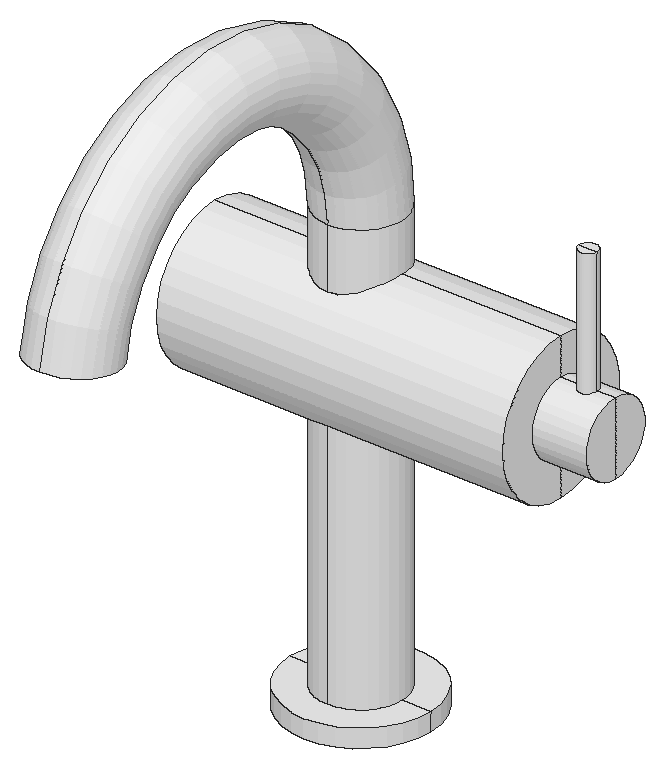
Revit family "Lavatory_Faucet-GROHE-ATRIO-23831_Series", category Plumbing Fixtures, Revit 2014
Parameters (values of type "23831003")
  cUPC Compliant = yes
  Width = 1 15/16"  # constant formula
  Waste Connection = no
  Warranty Documentation Link = "https://cdn.cloud.grohe.com/tpi/1000/1900/1940/1949/1949006/original/1949006.pdf"
  WFU = 4  # constant formula
  Vent Connection = no
  URL = "https://www.grohe.us/"
  Product Page URL = "https://www.grohe.us/en_us/grohe-atrio-single-handle-bathroom-faucet-m-size-23831003.html"
  Price = "Prices may vary. Please consult Manufacturer Representative for most up-to-date price list."  # constant formula
  Model = "23831003"
  Material = "Metal-Grohe-003-Chrome"
  Manufacturer = "GROHE"
  Length = 4 15/16"  # constant formula
  Installation Type = "Surface Mounted"
  Hot Water Connection Diameter = 3/8"  # constant formula
  Height = 9 3/16"  # constant formula
  HWFU = 3  # constant formula
  HW Connection = yes
  Flow Rate = "1.2 gpm (4.5/min)"  # constant formula
  Finish = Metal-Grohe-003-Chrome
  Description = "Atrio Single-Handle Bathroom Faucet M-Size"  # constant formula
  Default Elevation = 0"  # constant formula
  Creation Date = "11/05/2018"  # constant formula
  Cold Water Connection Diameter = 3/8"  # constant formula
  CWFU = 3  # constant formula
  CW Connection = yes
  Assembly Code = "D2020300"
  ADA Compliant = yes
Types (3): name | Product Page URL | Model | Material | Finish
  (no name) | "https://www.grohe.us/en_us/grohe-atrio-single-handle-bathroom-faucet-m-size-23831003.html" | "23831003" | "Metal-Grohe-003-Chrome" | Metal-Grohe-003-Chrome
  23831003 | "https://www.grohe.us/en_us/grohe-atrio-single-handle-bathroom-faucet-m-size-23831003.html" | "23831003" | "Metal-Grohe-003-Chrome" | Metal-Grohe-003-Chrome
  23831EN3 | "https://www.grohe.us/en_us/atrio-single-handle-bathroom-faucet-m-size-23831EN3.html" | "23831EN3" | "Metal-Grohe-EN3-Brushed Nickel" | Metal-Grohe-EN3-Brushed Nickel
Reference planes (in)
  plane 1 "Center (Front/Back)": y = 0
  plane 2: z = 0
  plane 3 "Center (Left/Right)": x = 0
  plane 4: z = 9.1875
  plane 5: z = 6.4375
  plane 6: y = 0.96875
  plane 7: y = -4.9375
  plane 8: y = -0.96875
  plane 9: x = -0.96875
  plane 10: x = 0.96875
  plane 11: z = 4.5
  plane 12: x = -2
  plane 13: x = 3.5
  plane 14: x = 3.125
Forms (in)
  Sweep 1, solid, material "Metal-Grohe-003-Chrome" <- "Finish"
    path origin (0, 0, 0.40625) x (0, 1, 0) y (0, 0, 1)
      loop
        line (0, -0.15625) -> (0, 5.74582)
        arc (0, 5.74582) -> (-2.33405, 8.21869) -> (-4.9375, 6.03125) r 2.477
    profile origin (0, 0, 3.20103) x (0, -1, 0) y (1, 0, 0)
      loop
        circle (0, 0) r 0.56999
  Revolve 2, solid, material "Metal-Grohe-003-Chrome" <- "Finish"
    sketch origin (4.75, 0, 0) x (1, 0, 0) y (0, 0, 1)
      loop
        line (-4.75, 0.25) -> (-5.71875, 0.25) -> (-5.71875, 0) -> (-4.75, 0) -> (-4.75, 0.25)
      axis (-4.75, 0) -> (-4.75, 0.25)
    angle from 0 to 360
  Revolve 3, solid, material "Metal-Grohe-003-Chrome" <- "Finish"
    sketch origin (0.375, 0, 0) x (1, 0, 0) y (0, 0, 1)
      loop
        line (-2.375, 4.5) -> (3.125, 4.5) -> (3.125, 5) -> (2.375, 5) -> (2.375, 5.5) -> (-2.375, 5.5) -> (-2.375, 4.5)
      axis (3.125, 4.5) -> (-2.375, 4.5)
    angle from 0 to 360
  Revolve 4, solid, material "Metal-Grohe-003-Chrome" <- "Finish"
    sketch origin (0, 0, 0) x (1, 0, 0) y (0, 0, 1)
      loop
        line (3.125, 4.5) -> (3.125, 6.70617) -> (3, 6.70617) -> (3, 4.5) -> (3.125, 4.5)
      axis (3.125, 4.5) -> (3.125, 6.70617)
    angle from 0 to 360
  Extrusion 5, solid
    sketch origin (0, 0, 0) x (1, 0, 0) y (0, 1, 0)
      loop
        circle (-0.25, 0) r 0.1875
      loop
        circle (0.25, 0) r 0.1875
    from 0 to 0.25
Cuts and joins
  joined: Sweep 1, Revolve 2, Revolve 3, Revolve 4
Lines and regions (in)
  Masking region 1
    outline origin (0, 0, 0) x (1, 0, 0) y (0, 1, 0)
      loop
        line (-0.57019, -1) -> (-0.57019, -4.93791)
        arc (-0.57019, -4.93791) -> (-0.00016, -5.50794) -> (0.56987, -4.93791) r 0.57003
        line (0.56987, -4.93791) -> (0.56987, -1) -> (2.75, -1) -> (2.75, -0.5) -> (3.5, -0.5) -> (3.5, 0.5) -> (2.75, 0.5) -> (2.75, 1) -> (-2, 1) -> (-2, -1) -> (-0.57019, -1)
  symbolic lines, detail levels medium+fine
    curve 1: arc (-0.57019, -0.00768, 0) -> (-0.00016, 0.56235, 0) -> (0.56987, -0.00768, 0) r 0.57003
    curve 2: line (-0.57019, -1.14543, 0) -> (-0.57019, -0.00768, 0)
    curve 3: line (0.56987, -1.14612, 0) -> (0.56987, -0.00768, 0)
  symbolic lines, detail levels fine
    curve 4: line (2.75, 0.5, 0) -> (2.75, -0.5, 0)
    curve 5: circle (3.125, 0, 0) r 0.125 normal (0, 0, -1)
Dimensions and locks (in)
  plane 5 to level = 6 7/16"
  "Height": plane 4 to level
  "Width": plane 6 to plane 8
  "Width": plane 9 to plane 10
  plane 1 "Center (Front/Back)" to plane 7 = 4 15/16"
  plane 11 to level = 4 1/2"
  plane 6 to plane 7 = 5 29/32"
  "Length": plane 1 "Center (Front/Back)" to plane 7
  aligned and locked: plane 11 to Revolve 3 sketch curve
  aligned and locked: plane 13 to Revolve 3
  aligned and locked: Revolve 4 sketch curve to plane 14
  aligned and locked: Masking region 1 sketch curve to cut or joined group of Sweep 1, Revolve 2, Revolve 3, Revolve 4  (x3)
  aligned and locked: cut or joined group of Sweep 1, Revolve 2, Revolve 3, Revolve 4 to curve 4
  aligned and locked: curve 5 to cut or joined group of Sweep 1, Revolve 2, Revolve 3, Revolve 4
  aligned and locked: Extrusion 5 to cut or joined group of Sweep 1, Revolve 2, Revolve 3, Revolve 4
  aligned and locked: cut or joined group of Sweep 1, Revolve 2, Revolve 3, Revolve 4 to Extrusion 5
Automatic sketch dimensions
  Sweep 1 sketch curve to plane 5 = 0"
  Sweep 1 sketch curve to plane 7 = 0"
  Sweep 1 sketch curve to plane 1 "Center (Front/Back)" = 0"
  Sweep 1 sketch curve to plane 5 = 0.28543"
  level to Sweep 1 sketch curve = 1/4"
  Sweep 1 sketch curve to plane 3 "Center (Left/Right)" = 0"
  Sweep 1 sketch curve to profile plane = 0"
  Revolve 2 sketch curve to level = 0"
  Revolve 2 sketch curve to plane 3 "Center (Left/Right)" = 0"  (x2)
  level to Revolve 2 sketch curve = 1/4"
  Revolve 2 sketch curve to plane 3 "Center (Left/Right)" = 31/32"
  Revolve 2 sketch curve to Revolve 2 sketch curve = 5/8"
  Revolve 2 sketch curve to Revolve 2 sketch curve = 0.41707"
  Revolve 3 sketch curve to plane 11 = 0"
  plane 9 to Revolve 3 sketch curve = 1 1/32"
  Revolve 3 sketch curve to plane 10 = 1 25/32"
  Revolve 3 sketch curve to Revolve 3 sketch curve = 3/4"
  plane 11 to Revolve 3 sketch curve = 1/2"
  Revolve 3 sketch curve to Revolve 3 sketch curve = 1/2"
  Revolve 3 sketch curve to Revolve 3 sketch curve = 1/4"
  Revolve 3 sketch curve to Revolve 3 sketch curve = 0.57377"
  Revolve 4 sketch curve to plane 11 = 0"
  plane 14 to Revolve 4 sketch curve = 0"
  Revolve 4 sketch curve to Revolve 4 sketch curve = 1/8"
  plane 5 to Revolve 4 sketch curve = 0.26867"
  Revolve 4 sketch curve to Revolve 4 sketch curve = 2.73059"
  Revolve 4 sketch curve to Revolve 4 sketch curve = 1/4"
  Masking region 1 sketch curve to plane 8 = 1/32"  (x2)
  Masking region 1 sketch curve to plane 9 = 0.39856"
  Masking region 1 sketch curve to plane 3 "Center (Left/Right)" = 0.00016"
  plane 7 to Masking region 1 sketch curve = 0.00041"
  Masking region 1 sketch curve to plane 6 = 15/32"
  plane 6 to Masking region 1 sketch curve = 1/32"
  plane 14 to Masking region 1 sketch curve = 3/8"
  plane 8 to Masking region 1 sketch curve = 15/32"
  curve 5 to plane 14 = 0"
  plane 1 "Center (Front/Back)" to curve 3 = 0.00768"
  plane 10 to curve 3 = 0.39888"
  curve 1 to plane 3 "Center (Left/Right)" = 0.00016"
  plane 14 to curve 4 = 3/8"
  plane 8 to curve 4 = 15/32"
  curve 2 to plane 8 = 0.17668"
  curve 3 to plane 8 = 0.17737"
  curve 4 to plane 6 = 15/32"
  plane 1 "Center (Front/Back)" to curve 5 = 0"
  plane 1 "Center (Front/Back)" to Extrusion 5 sketch curve = 0"  (x2)
  Extrusion 5 sketch curve to plane 3 "Center (Left/Right)" = 1/4"
  plane 3 "Center (Left/Right)" to Extrusion 5 sketch curve = 1/4"
  radius of Sweep 1 sketch curve = 0.56999"
  radius of curve 5 = 1/8"
  radius of Extrusion 5 sketch curve = 3/16"  (x2)
Connectors (in)
  piping at (-0.25, 0, 0), diameter 0.375, driven by "HWFU", driven by "Hot Water Connection Diameter"
    settings: on Extrusion 5, index 1, connector inside diameter 24", connector length 0", flow factor 0, pipe flow 0 GPM, pressure drop 0.00 psi, fitting loss kfactor 0, connector angle 0.00°, fixture units 3, engagement length 0", angle of deflection 0.00°, flow configuration 3, flow direction 1, fitting loss method 0, system type 19, joint type 0, gender type 0, connector reference index -1, connector utility 0, adjustable connector no, is connector primary yes, connector description "3/8\" HW Supply Inlet Connection"
  piping at (0.25, 0, 0), diameter 0.375, driven by "Cold Water Connection Diameter", driven by "CWFU"
    settings: on Extrusion 5, index 2, connector inside diameter 24", connector length 0", flow factor 0, pipe flow 0 GPM, pressure drop 0.00 psi, fitting loss kfactor 0, connector angle 0.00°, fixture units 3, engagement length 0", angle of deflection 0.00°, flow configuration 3, flow direction 1, fitting loss method 0, system type 20, joint type 0, gender type 0, connector reference index -1, connector utility 0, adjustable connector no, is connector primary no, connector description "3/8\" CW Supply Inlet Connection"
